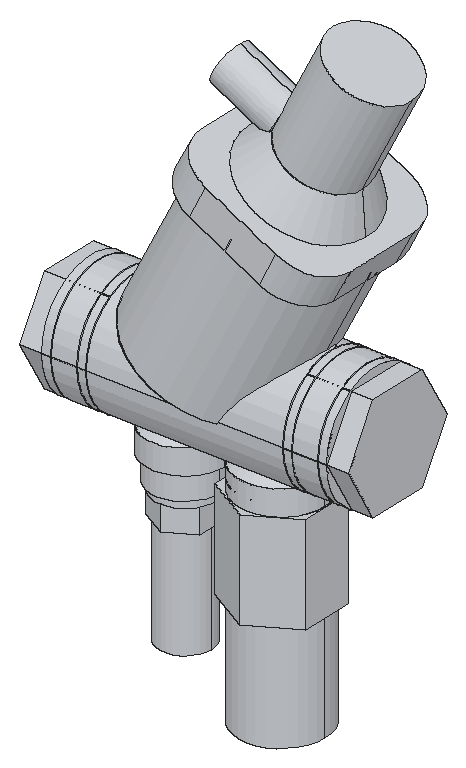
Revit family "PV_Compact_DN015_ 20-60_FF_měř-vyp_RFA_2018", category Pipe Accessories, Revit 2018
Family settings
  Round Connector Dimension = Use Diameter
  Part Type = Valve - Breaks Into
  Work Plane-Based = No
  Always vertical = Yes
  Cut with Voids When Loaded = No
  Shared = No
Parameters (values of type "PV Compact DN15 FF s měřením a vypouštěním (20-60kPa)")
  magiProductId = "ebd4dd38c61a47e78db1b31e427098"
  magiProductFamilyId = "88c57951ecb64b5d83dd1d4eb8fc72"
  magiPartTypeId = 304
  isMeasuringValve [instance] = no
  ang2D [instance] = 0.00°
  Z7 = 15 mm
  Z6 = 24.6 mm
  Z5 = 57.4 mm
  Z4 = 49.2 mm
  Z3 = 8.2 mm
  Z2 = 41 mm
  XR3 = 30 mm
  XR2 = 25 mm
  XR1 = 13 mm
  W2D = 15 mm
  VersionID = "2.0/2018.12.13.2/FRESE_PV_COMPACT_PLUG_Q13_001"
  Use Minimum Symbol Size [instance] = no
  URL = "www.hydronic.cz"
  Type Comments = "závitový s vnitřním závitem; s měřicí vsuvkou a vypouštěním; PN25; dpmax=450kPa; -10~+120°C"
  R5 = 5 mm
  R4 = 15 mm
  R3 = 10 mm
  R2 = 14 mm
  R1 = 19 mm
  QmdConnectorList = "301;D;302;D"
  Productdata [instance] = ""
  PH__ve = -PH  # -22.4 mm
  PH = 22.4 mm
  NL__ve = -NL  # -15 mm
  NL = 15 mm
  Manufacturer = "Hydronic Systems Prague s.r.o."
  MC Use Limits From Balancing Method = no
  MC Throttling Minimum Value = 0
  MC Throttling Maximum Value = 0
  MC Product Code = "53-3243 DN15; FF; nastavitelný rozsah dp=20~60kPa; Q=100~1000l/h;  kvs=2,9"
  MC Pressure Drop Minimum Value = 0.0 Pa
  MC Pressure Drop Maximum Value = 0.0 Pa
  MC Piping Given Pressure Drop [instance] = 0.0 Pa
  M5 = 32.5 mm
  M4 = 30.5 mm
  M3 = 24.5 mm
  M2 = 22.5 mm
  LP = 37.5 mm
  LM = 45 mm
  LL__ve = -LL  # -5.7 mm
  LLT__ve = -LLT  # -14.9 mm
  LLT = 14.9 mm
  LL2 = 32 mm
  LL = 5.7 mm
  L3 = 11 mm
  L2D_Min = 30.48 mm
  L2D = 65 mm
  Description = "Nastavitelný regulátor tlakové diference"
  DR1 = yes
  DR0 = no
  DL2 = 66 mm
  D = 15 mm
  CenSd_R2_6 = R2 * cos(30.00°)  # 12.124 mm
  CAT0 = yes
  C0D1 = yes
  C0D0 = no
Types (10, lengths in mm): name | magiProductId | Z6 | Z5 | Z4 | Z3 | Z2 | XR3 | XR2 | XR1 | R2 | R1 | PH__ve | PH | NL__ve | NL | MC Product Code | M5 | M4 | M3 | M2 | LP | LM | LL__ve | LLT__ve | LLT | LL2 | LL | L3 | DL2 | D | CenSd_R2_6
  PV Compact DN15 FF s měřením a vypouštěním (20-60kPa) | "ebd4dd38c61a47e78db1b31e427098" | 24.6 | 57.4 | 49.2 | 8.2 | 41 | 30 | 25 | 13 | 14 | 19 | -22.4 | 22.4 | -15 | 15 | "53-3243 DN15; FF; nastavitelný rozsah dp=20~60kPa; Q=100~1000l/h;  kvs=2,9" | 32.5 | 30.5 | 24.5 | 22.5 | 37.5 | 45 | -5.7 | -14.9 | 14.9 | 32 | 5.7 | 11 | 66 | 15 | 12.124
  PV Compact DN15 FF s měřením a vypouštěním ( 5-30kPa) | "1e13aaf8f1b54965adca1ab26bd771" | 24.6 | 57.4 | 49.2 | 8.2 | 41 | 30 | 25 | 13 | 14 | 19 | -22.4 | 22.4 | -15 | 15 | "53-3242 DN15; FF; nastavitelný rozsah dp=5~30kPa; Q=50~600l/h;  kvs=2,9" | 32.5 | 30.5 | 24.5 | 22.5 | 37.5 | 45 | -5.7 | -14.9 | 14.9 | 32 | 5.7 | 11 | 66 | 15 | 12.124
  PV Compact DN20 FF s měřením a vypouštěním (20-60kPa) | "6d4e29c475624129ae1d8630218e83" | 24.6 | 57.4 | 49.2 | 8.2 | 41 | 30 | 25 | 13 | 14 | 19 | -22.4 | 22.4 | -15.8 | 15.8 | "53-3245 DN20; FF; nastavitelný rozsah dp=20~60kPa; Q=150~2000l/h;  kvs=3,5" | 33.7 | 31.7 | 25.7 | 23.7 | 39.5 | 47.4 | -5.7 | -14.9 | 14.9 | 32 | 5.7 | 11 | 66 | 20 | 12.124
  PV Compact DN20 FF s měřením a vypouštěním ( 5-30kPa) | "3c7d936801344d2a9486b3d5f20c15" | 24.6 | 57.4 | 49.2 | 8.2 | 41 | 30 | 25 | 13 | 14 | 19 | -22.4 | 22.4 | -15.8 | 15.8 | "53-3244 DN20; FF; nastavitelný rozsah dp=5~30kPa; Q=100~1000l/h;  kvs=3,5" | 33.7 | 31.7 | 25.7 | 23.7 | 39.5 | 47.4 | -5.7 | -14.9 | 14.9 | 32 | 5.7 | 11 | 66 | 20 | 12.124
  PV Compact DN25 FF s měřením a vypouštěním ( 5-30kPa) | "40b783a088714ff8af367f7ba18a04" | 25.5 | 59.5 | 51 | 8.5 | 42.5 | 30 | 25 | 13 | 14 | 19 | -22.8 | 22.8 | -16.6 | 16.6 | "53-3251 DN25; FF; nastavitelný rozsah dp=5~30kPa; Q=600~2100l/h;  kvs=4,0" | 34.9 | 32.9 | 26.9 | 24.9 | 41.5 | 49.8 | -5.9 | -16.3 | 16.3 | 34 | 5.9 | 11 | 68 | 25 | 12.124
  PV Compact DN25L FF s měřením a vypouštěním (20-80kPa) | "7052257d0cc94620b8f60c4ac85ccd" | 40.2 | 93.8 | 80.4 | 13.4 | 67 | 42.5 | 37.5 | 25.5 | 26.5 | 31.5 | -23.6 | 23.6 | -20 | 20 | "53-3247 DN25; FF; nastavitelný rozsah dp=20~80kPa; Q=750~4200l/h;  kvs=8,7" | 40 | 38 | 32 | 30 | 50 | 60 | -6.3 | -19.1 | 19.1 | 38 | 6.3 | 11 | 72 | 25 | 22.95
  PV Compact DN25L FF s měřením a vypouštěním ( 5-30kPa) | "006ff7ff77e34fd39e52f3f4c37192" | 40.2 | 93.8 | 80.4 | 13.4 | 67 | 42.5 | 37.5 | 25.5 | 26.5 | 31.5 | -23.6 | 23.6 | -20 | 20 | "53-3246 DN25L; FF; nastavitelný rozsah dp=5~30kPa; Q=600~2500l/h;  kvs=8,7" | 40 | 38 | 32 | 30 | 50 | 60 | -6.3 | -19.1 | 19.1 | 38 | 6.3 | 11 | 72 | 25 | 22.95
  PV Compact DN32 FF s měřením a vypouštěním (20-80kPa) | "e53839f5e58040c69ad69dcf8b7122" | 40.2 | 93.8 | 80.4 | 13.4 | 67 | 42.5 | 37.5 | 25.5 | 26.5 | 31.5 | -24.6 | 24.6 | -20.8 | 20.8 | "53-3248 DN32; FF; nastavitelný rozsah dp=20~80kPa; Q=1000~5000l/h;  kvs=10,1" | 41.2 | 39.2 | 33.2 | 31.2 | 52 | 62.4 | -6.8 | -22.6 | 22.6 | 43 | 6.8 | 25 | 77 | 32 | 22.95
  PV Compact DN40 FF s měřením a vypouštěním (20-80kPa) | "edae53f0ee9843aa9c005a0dbc2db4" | 46.8 | 109.2 | 93.6 | 15.6 | 78 | 42.5 | 37.5 | 25.5 | 26.5 | 31.5 | -25.2 | 25.2 | -27.6 | 27.6 | "53-3249 DN40; FF; nastavitelný rozsah dp=20~80kPa; Q=3000~8000l/h;  kvs=15,8" | 51.4 | 49.4 | 43.4 | 41.4 | 69 | 82.8 | -7.1 | -24.7 | 24.7 | 46 | 7.1 | 25 | 80 | 40 | 22.95
  PV Compact DN50 FF s měřením a vypouštěním (20-80kPa) | "7572286e99104aaeaae4a504f9a6dd" | 46.8 | 109.2 | 93.6 | 15.6 | 78 | 42.5 | 37.5 | 25.5 | 35.25 | 31.5 | -26.4 | 26.4 | -27.6 | 27.6 | "53-3250 DN50; FF; nastavitelný rozsah dp=20~80kPa; Q=5000~11500l/h;  kvs=16,2" | 51.4 | 49.4 | 43.4 | 41.4 | 69 | 82.8 | -7.7 | -28.9 | 28.9 | 52 | 7.7 | 25 | 86 | 50 | 30.527
Reference planes
  plane 1 "Center (Front/Back)": y = 0
  plane 2 "XYPLANE": z = 0
  plane 3 "Center (Left/Right)": x = 0
  plane 4 "408": x = 37.5
  plane 5 "407": x = -37.5
  plane 6 "402": z = -66
  plane 7 "213": x = 11
  plane 8 "168": z = -10.9
  plane 9 "167": z = -12.9
  plane 10 "166": z = -18.6
  plane 11 "165": z = -24.3
  plane 12 "164": z = -26.3
  plane 13 "154": z = 0
  plane 14 "152": y = 0
  plane 15 "151": z = -32
  plane 16 "150": x = -11
  plane 17 "75": through (318.218, 0, 679.605) normal (0.891, 0, -0.454)
  plane 18 "74": x = 32.5
  plane 19 "73": x = 30.5
  plane 20 "72": x = 24.5
  plane 21 "71": x = 22.5
  plane 22 "70": x = -32.5
  plane 23 "69": x = -30.5
  plane 24 "68": x = -24.5
  plane 25 "67": y = 0
  plane 26 "66": through (-666.893, 0, 343.166) normal (0.454, 0, 0.891)
  plane 27 "65": x = -22.5
  plane 28 "64": through (335.147, 0, 670.979) normal (0.891, 0, -0.454)
  plane 29 "63": through (-649.641, 0, 377.024) normal (0.454, 0, 0.891)
  plane 30 "62": through (352.076, 0, 662.353) normal (0.891, 0, -0.454)
  plane 31 "61": y = 19
  plane 32 "60": y = -19
  plane 33 "59": through (-645.919, 0, 384.33) normal (0.454, 0, 0.891)
  plane 34 "58": through (-642.196, 0, 391.637) normal (0.454, 0, 0.891)
  plane 35 "57": through (313.763, 0, 681.875) normal (0.891, 0, -0.454)
  plane 36 "56": x = 0
  plane 37 "55": through (-668.255, 0, 340.493) normal (0.454, 0, 0.891)
  plane 38 "102XY": through (-668.255, 0, 340.493) normal (0.454, 0, 0.891)
  plane 39 "102XZ": y = 0
  plane 40 "102YZ": through (340.493, 0, 668.255) normal (0.891, 0, -0.454)
Forms (mm)
  Extrusion 1, solid
    sketch origin (37.5, -750, 0) x (0, 1, 0) y (0, 0, 1)
      loop
        line (764, 0) -> (757, 12.124) -> (743, 12.124) -> (736, 0) -> (743, -12.124) -> (757, -12.124) -> (764, 0)
    from 0 to -15 <- "NL__ve"
  Extrusion 2, solid
    sketch origin (-37.5, -750, 0) x (0, 1, 0) y (0, 0, 1)
      loop
        line (736, 0) -> (743, -12.124) -> (757, -12.124) -> (764, 0) -> (757, 12.124) -> (743, 12.124) -> (736, 0)
    from 0 to 15 <- "NL"
  Extrusion 3, solid, visible <- "C0D1"
    sketch origin (-750, 0, -66) x (1, 0, 0) y (0, 1, 0)
      loop
        circle (761, 0) r 10
    from 0 to 50
  Extrusion 4, solid, visible <- "DR1"
    sketch origin (-750, 0, -18.6) x (1, 0, 0) y (0, 1, 0)
      loop
        line (761, -12) -> (771.392, -6) -> (771.392, 6) -> (761, 12) -> (750.608, 6) -> (750.608, -6) -> (761, -12)
    from 0 to -22.4 <- "PH__ve"
  Extrusion 5, solid, visible <- "DR1"
    sketch origin (-750, 0, -18.6) x (1, 0, 0) y (0, 1, 0)
      loop
        circle (761, 0) r 10
    from 0 to 5.7 <- "LL"
  Blend 6, solid, visible <- "DR1"
    base sketch origin (-750, 0, -10.9) x (1, 0, 0) y (0, 1, 0)
      loop
        circle (761, 0) r 7.5
    top sketch origin (-750, 0, -10.9) x (1, 0, 0) y (0, 1, 0)
      loop
        circle (761, 0) r 10
    from 0 to -2
  Extrusion 7, solid, visible <- "DR1"
    sketch origin (-750, 0, 0) x (1, 0, 0) y (0, 1, 0)
      loop
        circle (761, 0) r 7.5
    from 0 to -14.9 <- "LLT__ve"
  Extrusion 8, solid, visible <- "C0D0"
    sketch origin (-750, 0, -32) x (1, 0, 0) y (0, 1, 0)
      loop
        circle (761, 0) r 6
    from 0 to -25
  Extrusion 9, solid, visible <- "DR0"
    sketch origin (-750, 0, -26.3) x (1, 0, 0) y (0, 1, 0)
      loop
        line (761, -7) -> (767.062, -3.5) -> (767.062, 3.5) -> (761, 7) -> (754.938, 3.5) -> (754.938, -3.5) -> (761, -7)
    from 0 to -5.7 <- "LL__ve"
  Extrusion 10, solid, visible <- "DR0"
    sketch origin (-750, 0, -26.3) x (1, 0, 0) y (0, 1, 0)
      loop
        circle (761, 0) r 7
    from 0 to 2
  Extrusion 11, solid, visible <- "DR0"
    sketch origin (-750, 0, -18.6) x (1, 0, 0) y (0, 1, 0)
      loop
        circle (761, 0) r 9
    from 0 to 5.7 <- "LL"
  Blend 12, solid, visible <- "DR0"
    base sketch origin (-750, 0, -10.9) x (1, 0, 0) y (0, 1, 0)
      loop
        circle (761, 0) r 6.5
    top sketch origin (-750, 0, -10.9) x (1, 0, 0) y (0, 1, 0)
      loop
        circle (761, 0) r 9
    from 0 to -2
  Extrusion 13, solid, visible <- "DR0"
    sketch origin (-750, 0, 0) x (1, 0, 0) y (0, 1, 0)
      loop
        circle (761, 0) r 6.5
    from 0 to -14.9 <- "LLT__ve"
  Extrusion 14, solid, visible <- "DR0"
    sketch origin (-750, 0, 0) x (1, 0, 0) y (0, 1, 0)
      loop
        circle (761, 0) r 6.5
    from 0 to -14.9 <- "LLT__ve"
  Blend 15, solid, visible <- "DR0"
    base sketch origin (-750, 0, -10.9) x (1, 0, 0) y (0, 1, 0)
      loop
        circle (761, 0) r 6.5
    top sketch origin (-750, 0, -10.9) x (1, 0, 0) y (0, 1, 0)
      loop
        circle (761, 0) r 9
    from 0 to -2
  Extrusion 16, solid, visible <- "DR0"
    sketch origin (-750, 0, -18.6) x (1, 0, 0) y (0, 1, 0)
      loop
        circle (761, 0) r 9
    from 0 to 5.7 <- "LL"
  Extrusion 17, solid, visible <- "DR0"
    sketch origin (-750, 0, -24.3) x (1, 0, 0) y (0, 1, 0)
      loop
        circle (761, 0) r 8
    from 0 to 5.7 <- "LL"
  Extrusion 18, solid, visible <- "DR0"
    sketch origin (-750, 0, -26.3) x (1, 0, 0) y (0, 1, 0)
      loop
        circle (761, 0) r 7
    from 0 to 2
  Extrusion 19, solid, visible <- "DR0"
    sketch origin (-750, 0, -26.3) x (1, 0, 0) y (0, 1, 0)
      loop
        line (761, -7) -> (767.062, -3.5) -> (767.062, 3.5) -> (761, 7) -> (754.938, 3.5) -> (754.938, -3.5) -> (761, -7)
    from 0 to -5.7 <- "LL__ve"
  Extrusion 20, solid, visible <- "C0D0"
    sketch origin (-750, 0, -32) x (1, 0, 0) y (0, 1, 0)
      loop
        circle (761, 0) r 6
    from 0 to -25
  Extrusion 21, solid, visible <- "CAT0"
    sketch origin (-750, 0, -32) x (1, 0, 0) y (0, 1, 0)
      loop
        circle (739, 0) r 6
    from 0 to -25
  Extrusion 22, solid
    sketch origin (-750, 0, -26.3) x (1, 0, 0) y (0, 1, 0)
      loop
        line (739, -7) -> (745.062, -3.5) -> (745.062, 3.5) -> (739, 7) -> (732.938, 3.5) -> (732.938, -3.5) -> (739, -7)
    from 0 to -5.7 <- "LL__ve"
  Extrusion 23, solid
    sketch origin (-750, 0, -26.3) x (1, 0, 0) y (0, 1, 0)
      loop
        circle (739, 0) r 7
    from 0 to 2
  Extrusion 24, solid
    sketch origin (-750, 0, -24.3) x (1, 0, 0) y (0, 1, 0)
      loop
        circle (739, 0) r 8
    from 0 to 5.7 <- "LL"
  Extrusion 25, solid
    sketch origin (-750, 0, -18.6) x (1, 0, 0) y (0, 1, 0)
      loop
        circle (739, 0) r 9
    from 0 to 5.7 <- "LL"
  Blend 26, solid
    base sketch origin (-750, 0, -10.9) x (1, 0, 0) y (0, 1, 0)
      loop
        circle (739, 0) r 6.5
    top sketch origin (-750, 0, -10.9) x (1, 0, 0) y (0, 1, 0)
      loop
        circle (739, 0) r 9
    from 0 to -2
  Extrusion 27, solid
    sketch origin (-750, 0, 0) x (1, 0, 0) y (0, 1, 0)
      loop
        circle (739, 0) r 6.5
    from 0 to -14.9 <- "LLT__ve"
  Blend 28, solid, visible <- "CAT0"
    base sketch origin (30.5, -750, 0) x (0, 1, 0) y (0, 0, 1)
      loop
        circle (750, 0) r 14
    top sketch origin (30.5, -750, 0) x (0, 1, 0) y (0, 0, 1)
      loop
        circle (750, 0) r 14
    from 0 to 2
  Extrusion 29, solid, visible <- "CAT0"
    sketch origin (24.5, -750, 0) x (0, 1, 0) y (0, 0, 1)
      loop
        circle (750, 0) r 14
    from 0 to 6
  Blend 30, solid, visible <- "CAT0"
    base sketch origin (22.5, -750, 0) x (0, 1, 0) y (0, 0, 1)
      loop
        circle (750, 0) r 14
    top sketch origin (22.5, -750, 0) x (0, 1, 0) y (0, 0, 1)
      loop
        circle (750, 0) r 14
    from 0 to 2
  Blend 31, solid, visible <- "CAT0"
    base sketch origin (-30.5, -750, 0) x (0, 1, 0) y (0, 0, 1)
      loop
        circle (750, 0) r 14
    top sketch origin (-30.5, -750, 0) x (0, 1, 0) y (0, 0, 1)
      loop
        circle (750, 0) r 14
    from 0 to -2
  Extrusion 32, solid, visible <- "CAT0"
    sketch origin (-30.5, -750, 0) x (0, 1, 0) y (0, 0, 1)
      loop
        circle (750, 0) r 14
    from 0 to 6
  Blend 33, solid, visible <- "CAT0"
    base sketch origin (-24.5, -750, 0) x (0, 1, 0) y (0, 0, 1)
      loop
        circle (750, 0) r 14
    top sketch origin (-24.5, -750, 0) x (0, 1, 0) y (0, 0, 1)
      loop
        circle (750, 0) r 14
    from 0 to 2
  Extrusion 34, solid, visible <- "CAT0"
    sketch origin (-22.5, -750, 0) x (0, 1, 0) y (0, 0, 1)
      loop
        circle (750, 0) r 14
    from 0 to 45 <- "LM"
  Extrusion 35, solid, visible <- "CAT0"
    sketch origin (-666.893, 0, 343.166) x (0.891007, 0, -0.45399) y (0, 1, 0)
      loop
        circle (744, 0) r 19
    from 0 to 41 <- "Z2"
  Extrusion 36, solid, visible <- "CAT0"
    sketch origin (-649.641, 0, 377.024) x (0.891007, 0, -0.45399) y (0, 1, 0)
      loop
        arc (735, 19) -> (727.929, 16.071) -> (725, 9) r 10
        line (725, 9) -> (725, -9)
        arc (725, -9) -> (727.929, -16.071) -> (735, -19) r 10
        line (735, -19) -> (753, -19)
        arc (753, -19) -> (760.071, -16.071) -> (763, -9) r 10
        line (763, -9) -> (763, 9)
        arc (763, 9) -> (760.071, 16.071) -> (753, 19) r 10
        line (753, 19) -> (735, 19)
    from 0 to 8.2 <- "Z3"
  Blend 37, solid, visible <- "CAT0"
    base sketch origin (-645.919, 0, 384.33) x (0.891007, 0, -0.45399) y (0, 1, 0)
      loop
        circle (744, 0) r 15
    top sketch origin (-645.919, 0, 384.33) x (0.891007, 0, -0.45399) y (0, 1, 0)
      loop
        circle (744, 0) r 10
    from 0 to 8.2
  Extrusion 38, solid, visible <- "CAT0"
    sketch origin (-642.196, 0, 391.637) x (0.891007, 0, -0.45399) y (0, 1, 0)
      loop
        circle (744, 0) r 10
    from 0 to 24.6 <- "Z6"
  Extrusion 39, solid, visible <- "CAT0"
    sketch origin (313.763, 0, 681.875) x (-0.45399, 0, -0.891007) y (0, 1, 0)
      loop
        circle (692.6, 0) r 5
    from 0 to 15 <- "Z7"
  Blend 40, solid, visible <- "CAT0"
    base sketch origin (-668.255, 0, 340.493) x (0.891007, 0, -0.45399) y (0, 1, 0)
      loop
        circle (744, 0) r 15
    top sketch origin (-668.255, 0, 340.493) x (0.891007, 0, -0.45399) y (0, 1, 0)
      loop
        circle (744, 0) r 19
    from 0 to 3
  Extrusion 41, solid, not visible
    sketch origin (-32.5, -750, 0) x (0, 1, 0) y (0, 0, 1)
      loop
        circle (750, 0) r 10
    from 0 to 10
  Extrusion 42, solid, not visible
    sketch origin (32.5, -750, 0) x (0, 1, 0) y (0, 0, 1)
      loop
        circle (750, 0) r 10
    from 0 to -10
Lines and regions (mm)
  reference lines, not visible
    curve 1: circle (2, 2, 0) r 1 normal (0, 0, 1)
  reference lines
    curve 2: line (37.5, 0, 0) -> (37.5, -3.5, 6.062)
    curve 3: line (37.5, 0, 0) -> (37.5, -7, 0)
    curve 4: line (37.5, 0, 0) -> (37.5, -3.5, -6.062)
    curve 5: line (-37.5, 0, 0) -> (-37.5, 3.5, 6.062)
    curve 6: line (-37.5, 0, 0) -> (-37.5, 7, 0)
    curve 7: line (-37.5, 0, 0) -> (-37.5, 3.5, -6.062)
Dimensions and locks
  plane 1 "Center (Front/Back)" to curve 1 = 2 mm
  "LP": plane 36 "56" to plane 4 "408"
  "LP": plane 36 "56" to plane 5 "407"
  "DL2": plane 2 "XYPLANE" to plane 6 "402"
  "L3": plane 3 "Center (Left/Right)" to plane 7 "213"
  locked: plane 9 "167" to plane 8 "168" at 2
  "LL": plane 10 "166" to plane 9 "167"
  "LL": plane 11 "165" to plane 10 "166"
  locked: plane 12 "164" to plane 11 "165" at 2
  "LL": plane 15 "151" to plane 12 "164"
  locked: plane 2 "XYPLANE" to plane 13 "154"
  locked: plane 1 "Center (Front/Back)" to plane 14 "152"
  "LL2": plane 2 "XYPLANE" to plane 15 "151"
  "L3": plane 3 "Center (Left/Right)" to plane 16 "150"
  "XR2": plane 40 "102YZ" to plane 17 "75"
  "M5": plane 3 "Center (Left/Right)" to plane 18 "74"
  "M4": plane 3 "Center (Left/Right)" to plane 19 "73"
  "M3": plane 3 "Center (Left/Right)" to plane 20 "72"
  "M2": plane 3 "Center (Left/Right)" to plane 21 "71"
  "M5": plane 3 "Center (Left/Right)" to plane 22 "70"
  "M4": plane 3 "Center (Left/Right)" to plane 23 "69"
  "M3": plane 3 "Center (Left/Right)" to plane 24 "68"
  locked: plane 14 "152" to plane 25 "67"
  locked: plane 38 "102XY" to plane 26 "66" at 3
  "M2": plane 3 "Center (Left/Right)" to plane 27 "65"
  locked: plane 40 "102YZ" to plane 28 "64" at 6
  "Z2": plane 38 "102XY" to plane 29 "63"
  "XR1": plane 40 "102YZ" to plane 30 "62"
  "R1": plane 14 "152" to plane 31 "61"
  "R1": plane 14 "152" to plane 32 "60"
  "Z4": plane 38 "102XY" to plane 33 "59"
  "Z5": plane 38 "102XY" to plane 34 "58"
  "XR3": plane 40 "102YZ" to plane 35 "57"
  locked: plane 3 "Center (Left/Right)" to plane 36 "56"
  locked: plane 38 "102XY" to plane 37 "55"
  "CenSd_R2_6": curve 2 to Extrusion 1 sketch curve  (x2)
  "CenSd_R2_6": curve 3 to Extrusion 1 sketch curve  (x2)
  "CenSd_R2_6": curve 4 to Extrusion 1 sketch curve  (x2)
  Extrusion 1 sketch curve to Extrusion 1 sketch curve = 0 mm  (x12)
  "CenSd_R2_6": curve 5 to Extrusion 2 sketch curve  (x2)
  "CenSd_R2_6": curve 6 to Extrusion 2 sketch curve  (x2)
  "CenSd_R2_6": curve 7 to Extrusion 2 sketch curve  (x2)
  Extrusion 2 sketch curve to Extrusion 2 sketch curve = 0 mm  (x12)
  Extrusion 4 sketch curve to Extrusion 4 sketch curve = 0 mm  (x12)
  Extrusion 9 sketch curve to Extrusion 9 sketch curve = 0 mm  (x12)
  Extrusion 19 sketch curve to Extrusion 19 sketch curve = 0 mm  (x12)
  Extrusion 22 sketch curve to Extrusion 22 sketch curve = 0 mm  (x12)
  Extrusion 36 sketch curve to Extrusion 36 sketch curve = 0 mm  (x16)
  "R2": radius of Blend 28 sketch curve  (x2)
  "R2": radius of Extrusion 29 sketch curve
  "R2": radius of Blend 30 sketch curve  (x2)
  "R2": radius of Blend 31 sketch curve  (x2)
  "R2": radius of Extrusion 32 sketch curve
  "R2": radius of Blend 33 sketch curve  (x2)
  "R2": radius of Extrusion 34 sketch curve
  "R1": radius of Extrusion 35 sketch curve
  radius of Extrusion 36 sketch curve = 10 mm  (x4)
  "R3": radius of Blend 37 sketch curve
  "R4": radius of Blend 37 sketch curve
  "R3": radius of Extrusion 38 sketch curve
  "R5": radius of Extrusion 39 sketch curve
  "R1": radius of Blend 40 sketch curve
  locked: curve 3 to curve 2 (angle 60.00°)
  locked: curve 4 to curve 3 (angle 60.00°)
  locked: curve 4 to curve 2 (angle 120.00°)
  locked: curve 6 to curve 5 (angle 60.00°)
  locked: curve 7 to curve 6 (angle 60.00°)
  locked: curve 7 to curve 5 (angle 120.00°)
  aligned and locked: level to plane 2 "XYPLANE"
  aligned and locked: plane 13 "154" to curve 4
  aligned and locked: curve 4 to plane 14 "152"
  aligned and locked: plane 13 "154" to curve 7
  aligned and locked: curve 7 to plane 14 "152"
  aligned and locked: plane 7 "213" to Extrusion 3 sketch curve
  aligned and locked: plane 14 "152" to Extrusion 3 sketch curve
  aligned and locked: plane 7 "213" to Extrusion 5 sketch curve
  aligned and locked: plane 14 "152" to Extrusion 5 sketch curve
  aligned and locked: plane 7 "213" to Blend 6 sketch curve  (x2)
  aligned and locked: plane 14 "152" to Blend 6 sketch curve  (x2)
  aligned and locked: Blend 6 to plane 9 "167"
  aligned and locked: plane 7 "213" to Extrusion 7 sketch curve
  aligned and locked: plane 14 "152" to Extrusion 7 sketch curve
  aligned and locked: plane 7 "213" to Extrusion 8 sketch curve
  aligned and locked: plane 14 "152" to Extrusion 8 sketch curve
  aligned and locked: plane 7 "213" to Extrusion 10 sketch curve
  aligned and locked: plane 14 "152" to Extrusion 10 sketch curve
  aligned and locked: plane 7 "213" to Extrusion 11 sketch curve
  aligned and locked: plane 14 "152" to Extrusion 11 sketch curve
  aligned and locked: plane 7 "213" to Blend 12 sketch curve  (x2)
  aligned and locked: plane 14 "152" to Blend 12 sketch curve  (x2)
  aligned and locked: Blend 12 to plane 9 "167"
  aligned and locked: plane 7 "213" to Extrusion 13 sketch curve
  aligned and locked: plane 14 "152" to Extrusion 13 sketch curve
  aligned and locked: plane 7 "213" to Extrusion 14 sketch curve
  aligned and locked: plane 14 "152" to Extrusion 14 sketch curve
  aligned and locked: plane 7 "213" to Blend 15 sketch curve  (x2)
  aligned and locked: plane 14 "152" to Blend 15 sketch curve  (x2)
  aligned and locked: Blend 15 to plane 9 "167"
  aligned and locked: plane 7 "213" to Extrusion 16 sketch curve
  aligned and locked: plane 14 "152" to Extrusion 16 sketch curve
  aligned and locked: plane 7 "213" to Extrusion 17 sketch curve
  aligned and locked: plane 14 "152" to Extrusion 17 sketch curve
  aligned and locked: plane 7 "213" to Extrusion 18 sketch curve
  aligned and locked: plane 14 "152" to Extrusion 18 sketch curve
  aligned and locked: plane 7 "213" to Extrusion 20 sketch curve
  aligned and locked: plane 14 "152" to Extrusion 20 sketch curve
  aligned and locked: plane 14 "152" to Extrusion 21 sketch curve
  aligned and locked: plane 16 "150" to Extrusion 21 sketch curve
  aligned and locked: plane 14 "152" to Extrusion 23 sketch curve
  aligned and locked: plane 16 "150" to Extrusion 23 sketch curve
  aligned and locked: plane 14 "152" to Extrusion 24 sketch curve
  aligned and locked: plane 16 "150" to Extrusion 24 sketch curve
  aligned and locked: plane 14 "152" to Extrusion 25 sketch curve
  aligned and locked: plane 16 "150" to Extrusion 25 sketch curve
  aligned and locked: plane 14 "152" to Blend 26 sketch curve  (x2)
  aligned and locked: plane 16 "150" to Blend 26 sketch curve  (x2)
  aligned and locked: Blend 26 to plane 9 "167"
  aligned and locked: plane 14 "152" to Extrusion 27 sketch curve
  aligned and locked: plane 16 "150" to Extrusion 27 sketch curve
  aligned and locked: plane 13 "154" to Blend 28 sketch curve  (x2)
  aligned and locked: Blend 28 sketch curve to plane 14 "152"  (x2)
  aligned and locked: plane 18 "74" to Blend 28
  aligned and locked: plane 13 "154" to Extrusion 29 sketch curve
  aligned and locked: Extrusion 29 sketch curve to plane 14 "152"
  aligned and locked: plane 13 "154" to Blend 30 sketch curve  (x2)
  aligned and locked: Blend 30 sketch curve to plane 14 "152"  (x2)
  aligned and locked: plane 20 "72" to Blend 30
  aligned and locked: plane 13 "154" to Blend 31 sketch curve  (x2)
  aligned and locked: Blend 31 sketch curve to plane 14 "152"  (x2)
  aligned and locked: Blend 31 to plane 22 "70"
  aligned and locked: plane 13 "154" to Extrusion 32 sketch curve
  aligned and locked: Extrusion 32 sketch curve to plane 14 "152"
  aligned and locked: plane 13 "154" to Blend 33 sketch curve  (x2)
  aligned and locked: Blend 33 sketch curve to plane 14 "152"  (x2)
  aligned and locked: plane 27 "65" to Blend 33
  aligned and locked: plane 13 "154" to Extrusion 34 sketch curve
  aligned and locked: Extrusion 34 sketch curve to plane 14 "152"
  aligned and locked: plane 25 "67" to Extrusion 35 sketch curve
  aligned and locked: Extrusion 35 sketch curve to plane 28 "64"
  aligned and locked: Extrusion 36 sketch curve to plane 17 "75"
  aligned and locked: Extrusion 36 sketch curve to plane 32 "60"
  aligned and locked: Extrusion 36 sketch curve to plane 30 "62"
  aligned and locked: plane 31 "61" to Extrusion 36 sketch curve
  aligned and locked: plane 25 "67" to Blend 37 sketch curve  (x2)
  aligned and locked: Blend 37 sketch curve to plane 28 "64"  (x2)
  aligned and locked: plane 34 "58" to Blend 37
  aligned and locked: plane 25 "67" to Extrusion 38 sketch curve
  aligned and locked: Extrusion 38 sketch curve to plane 28 "64"
  aligned and locked: plane 25 "67" to Extrusion 39 sketch curve
  aligned and locked: plane 34 "58" to Extrusion 39 sketch curve
  aligned and locked: plane 25 "67" to Blend 40 sketch curve  (x2)
  aligned and locked: Blend 40 sketch curve to plane 28 "64"  (x2)
  aligned and locked: plane 26 "66" to Blend 40
  aligned and locked: plane 13 "154" to Extrusion 41 sketch curve
  aligned and locked: Extrusion 41 sketch curve to plane 14 "152"
  aligned and locked: plane 13 "154" to Extrusion 42 sketch curve
  aligned and locked: Extrusion 42 sketch curve to plane 14 "152"
Automatic sketch dimensions
  plane 3 "Center (Left/Right)" to Extrusion 3 sketch curve = 1 mm
  Extrusion 4 sketch curve to plane 7 "213" = 0 mm  (x2)
  plane 3 "Center (Left/Right)" to Extrusion 4 sketch curve = 0.608 mm
  Extrusion 4 sketch curve to plane 21 "71" = 1.108 mm
  plane 32 "60" to Extrusion 4 sketch curve = 7 mm
  plane 1 "Center (Front/Back)" to Extrusion 4 sketch curve = 6 mm  (x2)
  Extrusion 4 sketch curve to plane 1 "Center (Front/Back)" = 6 mm  (x2)
  Extrusion 4 sketch curve to plane 31 "61" = 7 mm
  plane 3 "Center (Left/Right)" to Extrusion 5 sketch curve = 1 mm
  plane 3 "Center (Left/Right)" to Blend 6 sketch curve = 3.5 mm
  plane 3 "Center (Left/Right)" to Blend 6 sketch curve = 1 mm
  plane 3 "Center (Left/Right)" to Extrusion 7 sketch curve = 3.5 mm
  plane 3 "Center (Left/Right)" to Extrusion 8 sketch curve = 5 mm
  Extrusion 9 sketch curve to plane 7 "213" = 0 mm  (x2)
  plane 3 "Center (Left/Right)" to Extrusion 9 sketch curve = 4.938 mm
  Extrusion 9 sketch curve to plane 21 "71" = 5.438 mm
  plane 1 "Center (Front/Back)" to Extrusion 9 sketch curve = 7 mm
  plane 1 "Center (Front/Back)" to Extrusion 9 sketch curve = 3.5 mm  (x2)
  Extrusion 9 sketch curve to plane 1 "Center (Front/Back)" = 3.5 mm  (x2)
  Extrusion 9 sketch curve to Extrusion 9 sketch curve = 3.5 mm
  plane 3 "Center (Left/Right)" to Extrusion 10 sketch curve = 4 mm
  plane 3 "Center (Left/Right)" to Extrusion 11 sketch curve = 2 mm
  plane 3 "Center (Left/Right)" to Blend 12 sketch curve = 4.5 mm
  plane 3 "Center (Left/Right)" to Blend 12 sketch curve = 2 mm
  plane 3 "Center (Left/Right)" to Extrusion 13 sketch curve = 4.5 mm
  plane 3 "Center (Left/Right)" to Extrusion 14 sketch curve = 4.5 mm
  plane 3 "Center (Left/Right)" to Blend 15 sketch curve = 4.5 mm
  plane 3 "Center (Left/Right)" to Blend 15 sketch curve = 2 mm
  plane 3 "Center (Left/Right)" to Extrusion 16 sketch curve = 2 mm
  plane 3 "Center (Left/Right)" to Extrusion 17 sketch curve = 3 mm
  plane 3 "Center (Left/Right)" to Extrusion 18 sketch curve = 4 mm
  Extrusion 19 sketch curve to plane 7 "213" = 0 mm  (x2)
  plane 3 "Center (Left/Right)" to Extrusion 19 sketch curve = 4.938 mm
  Extrusion 19 sketch curve to plane 21 "71" = 5.438 mm
  plane 1 "Center (Front/Back)" to Extrusion 19 sketch curve = 7 mm
  plane 1 "Center (Front/Back)" to Extrusion 19 sketch curve = 3.5 mm  (x2)
  Extrusion 19 sketch curve to plane 1 "Center (Front/Back)" = 3.5 mm  (x2)
  Extrusion 19 sketch curve to Extrusion 19 sketch curve = 3.5 mm
  plane 3 "Center (Left/Right)" to Extrusion 20 sketch curve = 5 mm
  plane 27 "65" to Extrusion 21 sketch curve = 5.5 mm
  Extrusion 22 sketch curve to plane 16 "150" = 0 mm  (x2)
  plane 27 "65" to Extrusion 22 sketch curve = 5.438 mm
  Extrusion 22 sketch curve to plane 3 "Center (Left/Right)" = 4.938 mm
  plane 1 "Center (Front/Back)" to Extrusion 22 sketch curve = 7 mm
  plane 1 "Center (Front/Back)" to Extrusion 22 sketch curve = 3.5 mm  (x2)
  Extrusion 22 sketch curve to plane 1 "Center (Front/Back)" = 3.5 mm  (x2)
  Extrusion 22 sketch curve to Extrusion 22 sketch curve = 3.5 mm
  plane 27 "65" to Extrusion 23 sketch curve = 4.5 mm
  plane 27 "65" to Extrusion 24 sketch curve = 3.5 mm
  plane 27 "65" to Extrusion 25 sketch curve = 2.5 mm
  plane 27 "65" to Blend 26 sketch curve = 5 mm
  plane 27 "65" to Blend 26 sketch curve = 2.5 mm
  plane 27 "65" to Extrusion 27 sketch curve = 5 mm
  plane 17 "75" to Blend 40 sketch curve = 4 mm
  plane 32 "60" to Extrusion 41 sketch curve = 9 mm
  plane 32 "60" to Extrusion 42 sketch curve = 9 mm
  plane 3 "Center (Left/Right)" to curve 1 = 2 mm
  radius of curve 1 = 1 mm
Connectors
  piping at (-32.5, 0, 0), diameter 15, driven by "D"
    settings: on Extrusion 41, index 1, connector inside diameter 609.6 mm, connector length 0 mm, flow factor 0, pipe flow 0.0 L/s, pressure drop 0.0 Pa, fitting loss kfactor 0, connector angle 0.00°, fixture units 0, engagement length 0 mm, angle of deflection 0.00°, flow configuration 0, flow direction 0, fitting loss method 0, system type 29, joint type 0, gender type 0, connector reference index 2, connector utility 0, adjustable connector no, is connector primary yes, connector description ""
  piping at (32.5, 0, 0), diameter 15, driven by "D"
    settings: on Extrusion 42, index 2, connector inside diameter 609.6 mm, connector length 0 mm, flow factor 0, pipe flow 0.0 L/s, pressure drop 0.0 Pa, fitting loss kfactor 0, connector angle 0.00°, fixture units 0, engagement length 0 mm, angle of deflection 0.00°, flow configuration 0, flow direction 0, fitting loss method 0, system type 29, joint type 0, gender type 0, connector reference index 1, connector utility 0, adjustable connector no, is connector primary no, connector description ""
